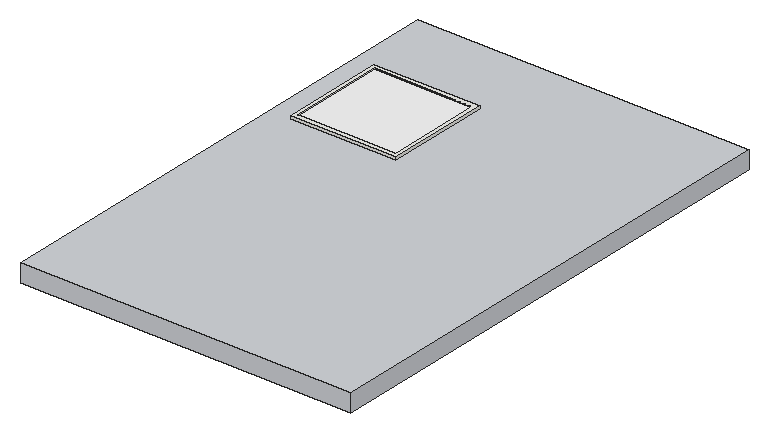
Revit family "FPL2-EQ0622xxWS830840MPS0400", category Leuchten, Revit 2017
Family settings
  Basisbauteil = Fläche
  Bemaßung runder Anschluss = Durchmesser verwenden
  Teiletyp = Normal
  OmniClass-Nummer = 23.80.70.11
  OmniClass-Titel = Luminaries for Internal Lighting
  Beim Laden mit Abzugskörper schneiden = Nein
  Lichtquelle = Ja
  Gemeinsam genutzt = Nein
  Raumberechnungspunkt = Nein
Parameters (values of type "FPL2-EQ0622NDWS830840MPS0400")
  width = 620 mm
  weight = "2.5 kg"
  voltage type (AC, DC, UC) = "AC"
  suspension hight [instance] = 500 mm
  rated input power = 33
  product name = "FPL2-EQ0622NDWS830840MPS0400"
  nominal voltage = "230"
  nominal frequency = "50-60Hz"
  length = 620 mm
  ingress protection (IP) code = "IP40"
  height = 15 mm
  electrical safety class = "1"
  control gear = ""
  conformity mark = "CE"  # constant formula
  brand = "RIDI"
  approval mark = ""
  built-in parameter 1150104 = 13.8 (stored number, unit not read)
  Wattage = 27.1977 W
  Default Elevation = 0 mm
  Emit from Rectangle Length = 580 mm
  Emit from Rectangle Width = 580 mm
  built-in parameter 1150113 = 1 (stored number, unit not read)
  built-in parameter 1114218 = 1 (stored number, unit not read)
  URL = "www.ridi.de"
  built-in parameter 1150134 = 6
  built-in parameter 1150109 = 1 (stored number, unit not read)
  built-in parameter 1150110 = 1 (stored number, unit not read)
  Apparent Load = 33 VA
  Tilt Angle = 90.00°
  Modell = "0822976"
  built-in parameter 1114217 = 1 (stored number, unit not read)
  built-in parameter 1150139 = (empty or 0)
  built-in parameter 1150105 = 321.49 (stored number, unit not read)
  built-in parameter 1150114 = 1 (stored number, unit not read)
  Lumens = 4040 lm
  built-in parameter 1150115 = 1 (stored number, unit not read)
  built-in parameter 1150112 = 1 (stored number, unit not read)
  Lampe = "LED"
  Hersteller = "RIDI Leuchten GmbH"  # constant formula
  Dimming Lamp Color Temperature Shift = (empty or 0)
  Color Filter = 16777215
  built-in parameter 1150133 = 10 (stored number, unit not read)
  Emit Shape Visible in Rendering = no
  built-in parameter 1150137 = (empty or 0)
  built-in parameter 1150132 = 2
  Datei für fotometrisches Netz = "FPL2-EQ0622.IES"
  Copyright = "© RIDI. All rights reserved."  # constant formula
  built-in parameter 1150106 = 3.2149 (stored number, unit not read)
  Baugruppenkennzeichen = "D5020200"
  built-in parameter 1150107 = 4000 (stored number, unit not read)
  built-in parameter 1150102 = (empty or 0)
  built-in parameter 1150138 = (empty or 0)
Types (3, lengths in mm): name | suspension hight | product name | Modell
  (no name) | 500 | "FPL2-EQ0622NDWS830840MPS0400" | "0822976"
  FPL2-EQ0622NDWS830840MPS0400 | 500 | "FPL2-EQ0622NDWS830840MPS0400" | "0822976"
  FPL2-EQ0622DAWS830840MPS0400 | 0 | "FPL2-EQ0622DAWS830840MPS0400" | "0832976"
Reference planes
  plane 1 "Mitte (Vorne/hinten)": y = 0
  plane 2: z = 0
  plane 3 "Mitte (Links/rechts)": x = 0
  plane 4: z = 500
Forms (mm)
  Extrusion 1, solid
    sketch origin (219.2, 280.8, 0) x (1, 0, 0) y (0, 1, 0)
      loop
        line (-1219.2, 1219.2) -> (-1219.2, -1780.8) -> (780.8, -1780.8) -> (780.8, 1219.2) -> (-1219.2, 1219.2)
    from 0 to -107.307
  Extrusion 2, solid
    sketch origin (-1.753, 0, 0) x (1, 0, 0) y (0, 1, 0)
      loop
        circle (1.753, -1.622) r 1.5
    from 501 to 500
  Extrusion 3, solid
    sketch origin (0, 0, 0) x (1, 0, 0) y (0, 1, 0)
      loop
        line (-320, 320) -> (-320, -310) -> (320, -310) -> (320, 320) -> (-320, 320)
    from 500 to 515
  Extrusion 4, void
    sketch origin (0, 0, 0) x (1, 0, 0) y (0, 1, 0)
      loop
        line (-295, 295) -> (-295, -285) -> (295, -285) -> (295, 295) -> (-295, 295)
    from 509.69 to 515
Cuts and joins
  Extrusion 4 cuts Extrusion 3
Lines and regions (mm)
  reference lines
    curve 1: line (0, 802.513, 515) -> (0, -717.487, 515)
    curve 2: line (0, 791.999, 509.69) -> (0, 156.999, 509.69)
    curve 3: line (-599.954, 320, 0) -> (860.046, 320, 0)
    curve 4: line (-523.954, -310, 0) -> (776.046, -310, 0)
  model lines
    curve 5: line (-320, 464.974, 0) -> (-320, -455.026, 0)
    curve 6: line (320, 464.974, 0) -> (320, -455.026, 0)
Dimensions and locks
  "suspension hight": plane 4 to Extrusion 1
  Extrusion 4 sketch curve to Extrusion 3 = 25 mm  (x3)
  Extrusion 3 to Extrusion 4 sketch curve = 25 mm
  curve 1 to plane 4 = 15 mm
  curve 2 to curve 1 = 5.31 mm
  plane 1 "Mitte (Vorne/hinten)" to curve 3 = 320 mm
  curve 4 to plane 1 "Mitte (Vorne/hinten)" = 310 mm
  curve 5 to curve 1 = 320 mm
  curve 1 to curve 6 = 320 mm
  locked: Extrusion 2 to cut or joined group of Extrusion 3, Extrusion 4 at 8.69
  aligned and locked: plane 2 to Extrusion 1
  aligned and locked: level to Extrusion 1
  aligned and locked: Extrusion 3 to Extrusion 4
  aligned and locked: cut or joined group of Extrusion 3, Extrusion 4 to plane 4
  aligned and locked: Extrusion 3 to curve 1
  aligned and locked: curve 2 to Extrusion 4
  aligned and locked: Extrusion 2 to plane 4
  aligned and locked: imposter light to cut or joined group of Extrusion 3, Extrusion 4
Automatic sketch dimensions
  Extrusion 1 sketch curve to Extrusion 1 sketch curve = 2000 mm
  Extrusion 1 sketch curve to Extrusion 1 sketch curve = 3000 mm
  plane 3 "Mitte (Links/rechts)" to Extrusion 2 sketch curve = 0 mm
  plane 1 "Mitte (Vorne/hinten)" to Extrusion 2 sketch curve = 1.622 mm
  plane 1 "Mitte (Vorne/hinten)" to curve 1 = 717.487 mm
  curve 2 to plane 1 "Mitte (Vorne/hinten)" = 156.999 mm
  curve 2 to curve 2 = 635 mm
  curve 2 to curve 1 = 10.515 mm
  Extrusion 3 sketch curve to plane 3 "Mitte (Links/rechts)" = 320 mm
  plane 3 "Mitte (Links/rechts)" to Extrusion 3 sketch curve = 320 mm
  plane 1 "Mitte (Vorne/hinten)" to Extrusion 3 sketch curve = 310 mm
  Extrusion 3 sketch curve to plane 1 "Mitte (Vorne/hinten)" = 320 mm
  curve 3 to plane 3 "Mitte (Links/rechts)" = 599.954 mm
  curve 4 to plane 3 "Mitte (Links/rechts)" = 523.954 mm
  plane 3 "Mitte (Links/rechts)" to curve 4 = 776.046 mm
  plane 3 "Mitte (Links/rechts)" to curve 3 = 860.046 mm
  plane 1 "Mitte (Vorne/hinten)" to curve 5 = 455.026 mm
  plane 1 "Mitte (Vorne/hinten)" to curve 6 = 455.026 mm
  curve 6 to plane 1 "Mitte (Vorne/hinten)" = 464.974 mm
  curve 5 to plane 1 "Mitte (Vorne/hinten)" = 464.974 mm
  radius of Extrusion 2 sketch curve = 1.5 mm
Connectors
  electrical at (0, -1.622, 500)
    settings: on Extrusion 2, index 1, voltage 230 V, apparent load 0 VA, apparent load phase1 33 VA, apparent load phase2 0 VA, apparent load phase3 0 VA, power factor 1, load classification "Lighting", number of poles 1, system type 31, power factor state 1, is connector primary yes, connector utility no, sub classification motor no, connector description ""
